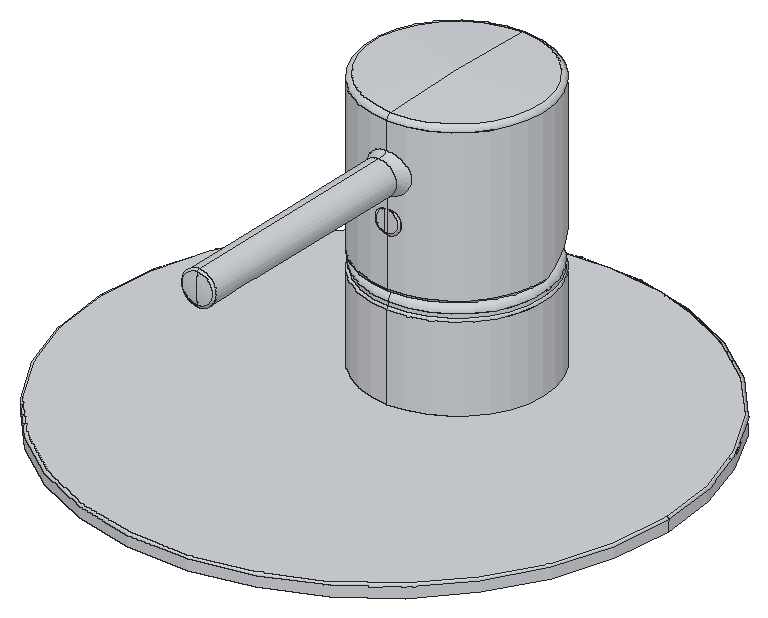
Revit family "Shower-Valve_Trim-KOHLER-CUFF-K-78996T", category Specialty Equipment, host Face, Revit 2017
Family settings
  Host = Face
  Round Connector Dimension = Use Diameter
  Part Type = Normal
  OmniClass Number = 23.31.25.00
  OmniClass Title = Toilet and Bath Specialties
  Cut with Voids When Loaded = No
  Shared = No
  Room Calculation Point = No
Parameters (values of type "CP- Polished Chrome")
  Width = 6 77/256"  # constant formula
  WaterSense Certified = 1 = 0  # no
  URL = "http://www.kohler.com.cn/"
  Type = 1
  Product Page URL = ""
  Product Name = "CUFF"  # constant formula
  Product Documentation Link = ""
  Model = "K-78996T-4-CP\r\n"  # constant formula
  Material = "Premium Metal Construction"  # constant formula
  Master Format 2014 Name = "Toilet, Bath, and Laundry Accessories"  # constant formula
  Master Format 2014 = "10 28 00"  # constant formula
  Manufacturer Address = "Kohler Beijing Office (100016) 36-2-03-B, No. 88, Liuxiang Road, Beijing"  # constant formula
  Manufacturer = "KOHLER Co."  # constant formula
  Length = 3 1/32"  # constant formula
  Height = 6 77/256"  # constant formula
  Handle Clearance = 3.60236"  # constant formula
  Finish = Kohler-Metal-CP-Polished_Chrome
  Environmental Product Declaration = ""
  Description = "THIN BATH SHOWER TRIM KIT"  # constant formula
  Default Elevation = 42"
  Declare Label = ""
  Date Modified = "10/08/2020"  # constant formula
  Date Created = "10/08/2020"  # constant formula
  Copyright = "Copyright KOHLER Co."  # constant formula
  Contact Us = "http://www.kohler.com.cn/contact/contact-us/"
  Assembly Code = "C1030200"
  ADA Compliant = 1 = 0  # no
Reference planes (in)
  plane 1 "Center (Front/Back)": y = 0
  plane 2: z = 0
  plane 3 "Center (Left/Right)": x = 0
  plane 4: y = 2.14566
  plane 5: x = 3.14961
  plane 6: y = 0.96457
  plane 7: x = 0.96457
  plane 8: x = -3.15117
  plane 9: x = -0.96457
  plane 10: y = -0.96457
  plane 11: y = -1.00394
  plane 12: y = -4.15512
  plane 13: z = 2.62242
  plane 14: z = 2.24909
  plane 15: z = 1.41665
  plane 16: z = 0.1378
  plane 17: y = -3.04103
  plane 18: y = -2.07708
  plane 19: y = -2.55906
  plane 20: y = -3.60236
  plane 21: z = 3.03125
Dimensions and locks (in)
  "Width": plane 8 to plane 5
  "Height": plane 12 to plane 4
  "Length": plane 21 to plane 2
  "Handle Clearance": plane 1 "Center (Front/Back)" to plane 20
  aligned and locked: plane 2 to host face
  aligned and locked: level to host face
Automatic sketch dimensions
  host sketch curve to host sketch curve = 96"  (x2)
Nested families (in)
  nested 1: "K-78996T" at (0, 0, 0), type "K-78996T"
Definition of nested family "K-78996T"
  Parameters (values of type "K-78996T")
    Material = none
  Reference planes (in)
    plane 1 "Center (Front/Back)": y = 0
    plane 2: z = 0
    plane 3 "Center (Left/Right)": x = 0
    plane 4: x = 3.14961
    plane 5: y = 2.14566
    plane 6: y = -4.15385
    plane 7: x = -3.14961
    plane 8: y = 0.96457
    plane 9: x = 0.96457
    plane 10: y = -0.96457
    plane 11: x = -0.96457
    plane 12: y = -3.60236
    plane 13: z = 3.0315
    plane 14: z = 0.1378
    plane 15: z = 2.62242
    plane 16: z = 1.41665
    plane 17: y = -2.55906
    plane 18: y = -3.04103
    plane 19: y = -2.07708
    plane 20: z = 2.24909
    plane 21: y = -1.00394
    plane 22: z = 2.4361
  Forms (in)
    Sweep 1, solid, material <- "Material", detail levels medium+fine
      path origin (0, 0, 0) x (1, 0, 0) y (0, 1, 0)
        loop
          circle (0, -1.00394) r 3.14961
      profile origin (0, 2.14567, 0) x (0, -1, 0) y (0, 0, 1)
        loop
          line (0, 0) -> (0.06078, 0) -> (0.06078, 0.1378) -> (0.02378, 0.1378)
          arc (0.02378, 0.1378) -> (0.00697, 0.13083) -> (0, 0.11401) r 0.02378
          line (0, 0.11401) -> (0, 0)
    Extrusion 2, solid, material <- "Material", detail levels medium+fine
      sketch origin (0, 0, 0) x (1, 0, 0) y (0, 1, 0)
        loop
          circle (0, -1.00394) r 3.08882
      from 0 to 0.1378
    Revolve 3, solid, material <- "Material", detail levels medium+fine
      sketch origin (0, 0, 0) x (0, 1, 0) y (0, 0, 1)
        loop
          line (0.96457, 0.1378) -> (0.96457, 1.07146)
          arc (0.96457, 1.07146) -> (0.95923, 1.0898) -> (0.94488, 1.1024) r 0.03416
          line (0.94488, 1.1024) -> (0.94488, 1.14211)
          arc (0.94488, 1.14211) -> (0.92249, 1.19724) -> (0.86799, 1.22115) r 0.07907
          arc (0.86799, 1.22115) -> (0.81693, 1.2429) -> (0.79441, 1.29362) r 0.07574
          arc (0.79441, 1.29362) -> (0.54964, 1.83096) -> (0, 2.04671) r 0.78679
          line (0, 2.04671) -> (0, 0.1378) -> (0.96457, 0.1378)
        axis (0, 0.1378) -> (0, 2.04671)
      angle from 0 to 360
    Revolve 4, solid, material <- "Material", detail levels medium+fine
      sketch origin (0, 0, 0) x (0, 1, 0) y (0, 0, 1)
        loop
          line (0, 1.25988) -> (0, 3.0315)
          arc (0, 3.0315) -> (-0.45559, 3.02342) -> (-0.91087, 3.00491) r 19.91393
          arc (-0.91087, 3.00491) -> (-0.949, 2.98734) -> (-0.96457, 2.94834) r 0.05665
          line (-0.96457, 2.94834) -> (-0.96457, 1.28268)
          arc (-0.96457, 1.28268) -> (-0.95789, 1.26656) -> (-0.94177, 1.25988) r 0.0228
          line (-0.94177, 1.25988) -> (0, 1.25988)
        axis (0, 3.0315) -> (0, 1.25988)
      angle from 0 to 360
    Extrusion 5, void, detail levels medium+fine
      sketch origin (0, 0, 0) x (0, 1, 0) y (0, 0, 1)
        loop
          line (0, 1.25988) -> (1.02712, 1.25988) -> (1.02712, 1.73884) -> (0, 1.25988)
      from -1.4767 to 1.48339
    Revolve 6, solid, material <- "Material", detail levels medium+fine
      sketch origin (0, 0, 0) x (0, 1, 0) y (0, 0, 1)
        loop
          line (-3.60222, 2.4361) -> (-0.86454, 2.4361) -> (-0.86454, 2.80247)
          arc (-0.86454, 2.80247) -> (-0.93756, 2.6735) -> (-1.07668, 2.62242) r 0.21499
          line (-1.07668, 2.62242) -> (-3.56362, 2.62242)
          arc (-3.56362, 2.62242) -> (-3.57917, 2.61688) -> (-3.58772, 2.60275) r 0.02459
          arc (-3.58772, 2.60275) -> (-3.59976, 2.51984) -> (-3.60222, 2.4361) r 0.72911
        axis (-3.60222, 2.4361) -> (-0.86454, 2.4361)
      angle from 0 to 360
    Extrusion 7, void, detail levels medium+fine
      sketch origin (0, 0, 0) x (0, 1, 0) y (0, 0, 1)
        loop
          arc (-2.8461, 2.24909) -> (-2.88281, 2.27971) -> (-2.92235, 2.30655) r 0.48354
          arc (-2.92235, 2.30655) -> (-2.97943, 2.33258) -> (-3.04103, 2.34442) r 0.26415
          arc (-3.04103, 2.34442) -> (-3.22806, 2.32376) -> (-3.39569, 2.23827) r 0.52316
          line (-3.39569, 2.23827) -> (-2.81643, 2.23827)
          arc (-2.81643, 2.23827) -> (-2.83235, 2.24071) -> (-2.8461, 2.24909) r 0.04106
      from -0.34125 to 0.33726
    Revolve 8, solid, material <- "Material", detail levels medium+fine
      sketch origin (0, 0, 0) x (0, 1, 0) y (0, 0, 1)
        loop
          line (-0.96457, 1.95241) -> (-0.89327, 1.95241) -> (-0.89327, 2.09299) -> (-0.94456, 2.09299)
          arc (-0.94456, 2.09299) -> (-0.95871, 2.08713) -> (-0.96457, 2.07298) r 0.02001
          line (-0.96457, 2.07298) -> (-0.96457, 1.95241)
        axis (-0.96457, 1.95241) -> (-0.89327, 1.95241)
      angle from 0 to 360
    Extrusion 9, solid, material <- "Material", detail levels coarse
      sketch origin (0, 0, 0) x (1, 0, 0) y (0, 1, 0)
        loop
          circle (0, -1.00394) r 3.14961
      from 0 to 0.17554
    Extrusion 10, solid, material <- "Material", detail levels coarse
      sketch origin (0, 0, 0) x (1, 0, 0) y (0, 1, 0)
        loop
          circle (0, 0) r 0.94488
      from 0 to 3.12716
    Extrusion 11, solid, material <- "Material", detail levels coarse
      sketch origin (0, 0, 0) x (1, 0, 0) y (0, 0, 1)
        loop
          circle (0, 2.44212) r 0.21582
      from 0 to 3.67716
  Cuts and joins
    Extrusion 5, Extrusion 7 cuts Sweep 1
    Extrusion 5, Extrusion 7 cuts Extrusion 2
    Extrusion 7 cuts Revolve 3
    Extrusion 5, Extrusion 7 cuts Revolve 4
    Extrusion 7 cuts Revolve 6
    joined: Sweep 1, Extrusion 2, Revolve 3, Revolve 4, Revolve 6
    joined: Extrusion 9, Extrusion 10, Extrusion 11
  Lines and regions (in)
    Masking region 1
      outline origin (0, 0, 0) x (0, 1, 0) y (0, 0, 1)
        loop
          line (2.14567, 0) -> (2.14567, 0.11429)
          arc (2.14567, 0.11429) -> (2.13879, 0.13091) -> (2.12217, 0.1378) r 0.0235
          line (2.12217, 0.1378) -> (0.96457, 0.1378) -> (0.96457, 1.07163)
          arc (0.96457, 1.07163) -> (0.95922, 1.08989) -> (0.94488, 1.1024) r 0.0339
          line (0.94488, 1.1024) -> (0.94488, 1.14102)
          arc (0.94488, 1.14102) -> (0.92208, 1.19716) -> (0.86659, 1.2215) r 0.08051
          arc (0.86659, 1.2215) -> (0.81713, 1.24233) -> (0.79478, 1.29112) r 0.07397
          arc (0.79478, 1.29112) -> (0.7713, 1.44678) -> (0.71992, 1.59559) r 0.86284
          line (0.71992, 1.59559) -> (0.96457, 1.70967) -> (0.96457, 2.94805)
          arc (0.96457, 2.94805) -> (0.949, 2.98707) -> (0.91085, 3.00468) r 0.05671
          arc (0.91085, 3.00468) -> (0.45558, 3.02339) -> (0, 3.0315) r 19.57387
          arc (0, 3.0315) -> (-0.45558, 3.02339) -> (-0.91085, 3.00468) r 19.57387
          arc (-0.91085, 3.00468) -> (-0.949, 2.98707) -> (-0.96457, 2.94805) r 0.05671
          line (-0.96457, 2.94805) -> (-0.96457, 2.65396)
          arc (-0.96457, 2.65396) -> (-1.01682, 2.63064) -> (-1.07345, 2.62242) r 0.20832
          line (-1.07345, 2.62242) -> (-3.56402, 2.62242)
          arc (-3.56402, 2.62242) -> (-3.57938, 2.61688) -> (-3.58768, 2.60282) r 0.02409
          arc (-3.58768, 2.60282) -> (-3.60333, 2.43617) -> (-3.58757, 2.26954) r 0.89221
          arc (-3.58757, 2.26954) -> (-3.57889, 2.25487) -> (-3.56286, 2.24909) r 0.02515
          line (-3.56286, 2.24909) -> (-3.38099, 2.24909)
          arc (-3.38099, 2.24909) -> (-3.21957, 2.32727) -> (-3.04103, 2.34442) r 0.50763
          arc (-3.04103, 2.34442) -> (-2.97964, 2.33226) -> (-2.92257, 2.30658) r 0.27585
          arc (-2.92257, 2.30658) -> (-2.88308, 2.27997) -> (-2.84683, 2.24909) r 0.42254
          line (-2.84683, 2.24909) -> (-1.05777, 2.24909)
          arc (-1.05777, 2.24909) -> (-1.00933, 2.23924) -> (-0.96457, 2.21824) r 0.20832
          line (-0.96457, 2.21824) -> (-0.96457, 1.28227)
          arc (-0.96457, 1.28227) -> (-0.95805, 1.26654) -> (-0.94232, 1.26002) r 0.02225
          line (-0.94232, 1.26002) -> (-0.80369, 1.26002)
          arc (-0.80369, 1.26002) -> (-0.82999, 1.23236) -> (-0.86659, 1.2215) r 0.07397
          arc (-0.86659, 1.2215) -> (-0.92208, 1.19716) -> (-0.94488, 1.14102) r 0.08051
          line (-0.94488, 1.14102) -> (-0.94488, 1.1024)
          arc (-0.94488, 1.1024) -> (-0.95922, 1.08989) -> (-0.96457, 1.07163) r 0.0339
          line (-0.96457, 1.07163) -> (-0.96457, 0.1378) -> (-2.62973, 0.1378) -> (-4.13004, 0.1378)
          arc (-4.13004, 0.1378) -> (-4.14666, 0.13091) -> (-4.15354, 0.11429) r 0.0235
          line (-4.15354, 0.11429) -> (-4.15354, 0) -> (2.14567, 0)
    Masking region 2
      outline origin (0, 0, 0) x (1, 0, 0) y (0, 0, 1)
        loop
          line (3.14961, 0) -> (3.14961, 0.11367)
          arc (3.14961, 0.11367) -> (3.14254, 0.13073) -> (3.12548, 0.1378) r 0.02413
          line (3.12548, 0.1378) -> (0.96457, 0.1378) -> (0.96457, 1.06895)
          arc (0.96457, 1.06895) -> (0.95928, 1.08836) -> (0.94488, 1.1024) r 0.03826
          line (0.94488, 1.1024) -> (0.94488, 1.14283)
          arc (0.94488, 1.14283) -> (0.92252, 1.19772) -> (0.86817, 1.22136) r 0.07856
          arc (0.86817, 1.22136) -> (0.83098, 1.23213) -> (0.80398, 1.25988) r 0.07572
          line (0.80398, 1.25988) -> (0.94116, 1.25988)
          arc (0.94116, 1.25988) -> (0.95771, 1.26674) -> (0.96457, 1.28329) r 0.02341
          line (0.96457, 1.28329) -> (0.96457, 2.94819)
          arc (0.96457, 2.94819) -> (0.94901, 2.98724) -> (0.91086, 3.00489) r 0.05679
          arc (0.91086, 3.00489) -> (0.45559, 3.02389) -> (0, 3.0315) r 18.2131
          arc (0, 3.0315) -> (-0.45559, 3.02389) -> (-0.91086, 3.00489) r 18.2131
          arc (-0.91086, 3.00489) -> (-0.94901, 2.98724) -> (-0.96457, 2.94819) r 0.05679
          line (-0.96457, 2.94819) -> (-0.96457, 1.28329)
          arc (-0.96457, 1.28329) -> (-0.95771, 1.26674) -> (-0.94116, 1.25988) r 0.02341
          line (-0.94116, 1.25988) -> (-0.80398, 1.25988)
          arc (-0.80398, 1.25988) -> (-0.83098, 1.23213) -> (-0.86817, 1.22136) r 0.07572
          arc (-0.86817, 1.22136) -> (-0.92252, 1.19772) -> (-0.94488, 1.14283) r 0.07856
          line (-0.94488, 1.14283) -> (-0.94488, 1.1024)
          arc (-0.94488, 1.1024) -> (-0.95928, 1.08836) -> (-0.96457, 1.06895) r 0.03826
          line (-0.96457, 1.06895) -> (-0.96457, 0.1378) -> (-3.12548, 0.1378)
          arc (-3.12548, 0.1378) -> (-3.14254, 0.13073) -> (-3.14961, 0.11367) r 0.02413
          line (-3.14961, 0.11367) -> (-3.14961, 0) -> (3.14961, 0)
    Masking region 3
      outline origin (0, 0, 0) x (1, 0, 0) y (0, 1, 0)
        loop
          circle (0, -1.00394) r 3.14961
    symbolic lines, detail levels medium+fine
      curve 1: line (0, -0.96457, 0.1378) -> (0, 0.96457, 0.1378)
      curve 2: line (0, 0.94488, 1.1024) -> (0, -0.94488, 1.1024)
      curve 3: line (0, 0.86659, 1.2215) -> (0, -0.86659, 1.2215)
      curve 4: line (0, -0.80398, 1.25988) -> (0, 0, 1.25988)
      curve 5: line (0, 0, 1.25988) -> (0, 0.71992, 1.59559)
      curve 6: line (0, 0.91085, 3.00468) -> (0, -0.91085, 3.00468)
      curve 7: line (0, 0.96457, 2.94805) -> (0, -0.96457, 2.94805)
      curve 8: arc (0, -0.96457, 2.21824) -> (0, -0.93366, 2.4361) -> (0, -0.96457, 2.65396) r 0.78336
      curve 9: line (0, -3.0417, 0.1378) -> (0, -2.07641, 0.1378)
      curve 10: line (0, -3.56286, 2.24909) -> (0, -3.56286, 2.62242)
      curve 11: line (0.96457, 0, 0.1378) -> (-0.96457, 0, 0.1378)
      curve 12: line (0.94488, 0, 1.1024) -> (-0.94488, 0, 1.1024)
      curve 13: line (0.86817, 0, 1.22136) -> (-0.86817, 0, 1.22136)
      curve 14: line (0.91086, 0, 3.00489) -> (-0.91086, 0, 3.00489)
      curve 15: line (0.96457, 0, 2.94819) -> (-0.96457, 0, 2.94819)
      curve 16: arc (0, 0, 1.71173) -> (0.22523, 0, 1.69716) -> (0.4473, 0, 1.65684) r 1.96288
      curve 17: arc (0.4473, 0, 1.65684) -> (0.60405, 0, 1.60802) -> (0.75316, 0, 1.53935) r 1.2676
      curve 18: arc (0.75316, 0, 1.53935) -> (0.84059, 0, 1.47957) -> (0.9139, 0, 1.40312) r 0.51331
      curve 19: arc (0.9139, 0, 1.40312) -> (0.94765, 0, 1.34457) -> (0.96418, 0, 1.27903) r 0.24562
      curve 20: arc (0, 0, 1.59559) -> (0.187, 0, 1.58665) -> (0.37177, 0, 1.55651) r 1.64388
      curve 21: arc (0.37177, 0, 1.55651) -> (0.49794, 0, 1.52065) -> (0.61908, 0, 1.47037) r 1.12631
      curve 22: arc (0.61908, 0, 1.47037) -> (0.69452, 0, 1.42303) -> (0.75798, 0, 1.36055) r 0.41068
      curve 23: arc (0.75798, 0, 1.36055) -> (0.77982, 0, 1.32591) -> (0.79265, 0, 1.28703) r 0.1683
      curve 24: arc (0.79265, 0, 1.28703) -> (0.79696, 0, 1.27289) -> (0.80398, 0, 1.25988) r 0.07454
      curve 25: arc (0, 0, 1.59559) -> (-0.187, 0, 1.58665) -> (-0.37177, 0, 1.55651) r 1.64388
      curve 26: arc (-0.37177, 0, 1.55651) -> (-0.49794, 0, 1.52065) -> (-0.61908, 0, 1.47037) r 1.12631
      curve 27: arc (-0.61908, 0, 1.47037) -> (-0.69452, 0, 1.42303) -> (-0.75798, 0, 1.36055) r 0.41068
      curve 28: arc (-0.75798, 0, 1.36055) -> (-0.77982, 0, 1.32591) -> (-0.79265, 0, 1.28703) r 0.1683
      curve 29: arc (0, 0, 1.71173) -> (-0.22523, 0, 1.69716) -> (-0.4473, 0, 1.65684) r 1.96288
      curve 30: arc (-0.4473, 0, 1.65684) -> (-0.60405, 0, 1.60802) -> (-0.75316, 0, 1.53935) r 1.2676
      curve 31: arc (-0.75316, 0, 1.53935) -> (-0.84059, 0, 1.47957) -> (-0.9139, 0, 1.40312) r 0.51331
      curve 32: arc (-0.9139, 0, 1.40312) -> (-0.94765, 0, 1.34457) -> (-0.96418, 0, 1.27903) r 0.24562
      curve 33: arc (-0.79265, 0, 1.28703) -> (-0.79696, 0, 1.27289) -> (-0.80398, 0, 1.25988) r 0.07454
      curve 34: circle (0, 0, 0) r 0.96457 normal (0, 0, 1)
      curve 35: arc (0.24037, -0.93414, 0) -> (0.20154, -0.99608, 0) -> (0.18644, -1.06761, 0) r 0.20881
      curve 36: line (0.18644, -1.06761, 0) -> (0.18644, -3.56398, 0)
      curve 37: arc (0, -3.60236, 0) -> (0.08453, -3.59994, 0) -> (0.16809, -3.58687, 0) r 0.6691
      curve 38: arc (0.18644, -3.56398, 0) -> (0.18129, -3.57865, 0) -> (0.16809, -3.58687, 0) r 0.02344
      curve 39: arc (-0.24037, -0.93414, 0) -> (-0.20154, -0.99608, 0) -> (-0.18644, -1.06761, 0) r 0.20881
      curve 40: line (-0.18644, -1.06761, 0) -> (-0.18644, -3.56398, 0)
      curve 41: arc (0, -3.60236, 0) -> (-0.08453, -3.59994, 0) -> (-0.16809, -3.58687, 0) r 0.6691
      curve 42: arc (-0.18644, -3.56398, 0) -> (-0.18129, -3.57865, 0) -> (-0.16809, -3.58687, 0) r 0.02344
      curve 43: line (-0.18644, -3.56398, 0) -> (0.18644, -3.56398, 0)
  Dimensions and locks (in)
    aligned and locked: plane 2 to level
